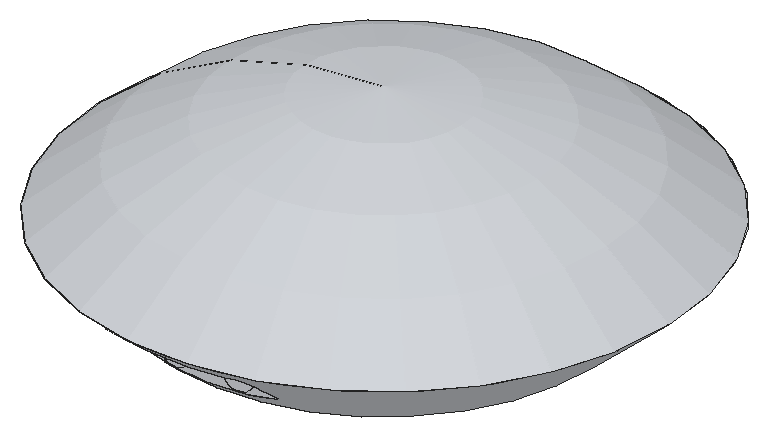
Revit family "0049015 Sylvania Lighting Fixture Start Surface IP66 1500lm 840 MW+EM IK10 BLK", category Lighting Fixtures, host Face, Revit 2016
Family settings
  Host = Face
  Part Type = Normal
  Round Connector Dimension = Use Diameter
  OmniClass Number = 23.80.70.00
  OmniClass Title = Lighting
  Cut with Voids When Loaded = No
  Light Source = Yes
  Shared = No
  Room Calculation Point = No
Parameters (values of type "Type Name")
  power entry width = 90 mm
  power entry height = 28 mm
  power connector height = 12.5 mm
  power connector centres = 39 mm
  height = 110 mm
  connector position 2 = 40 mm
  connector length = 2 mm
  base height = 40 mm
  backplate diameter = 256 mm
  Weight = ""
  Wattage Comments = ""
  Wattage = 9.2903 W
  WarrantyStartDate [instance] = "n/a"
  WarrantyGuarantorParts = "n/a"
  WarrantyDurationUnit = "n/a"
  WarrantyDurationParts = "n/a"
  WarrantyDescription = "n/a"
  built-in parameter 1150110 = 1 (stored number, unit not read)
  Voltage = 0 V
  URL = "http://www.feilosylvania.com"
  TypeName = ""
  Type Image = <None>
  Type Comments = "n/a"
  Tube Diameter = 80 mm
  built-in parameter 1114217 = 1 (stored number, unit not read)
  Tilt Angle = 90.00°
  built-in parameter 1150109 = 1 (stored number, unit not read)
  built-in parameter 1150134 = 3
  built-in parameter 1150113 = 1 (stored number, unit not read)
  SerialNumber [instance] = "n/a"
  Photometric Web File = "0049015-300mA.ies"
  Material_3_FEILO = none
  PowerFactor = 0
  PowerConsumption = ""
  NominalLength = 0 mm
  NominalHeight = 0 mm
  NominalDepth = 0 mm
  Name = ""
  ModelReference = Name  # ""
  ModelNumber = ""
  Model = Name  # ""
  Material = ""
  ManufacturerName = "Feilo Sylvania"
  Manufacturer = "Feilo Sylvania"
  LuminousEfficacy = ""
  built-in parameter 1150105 = 109.82 (stored number, unit not read)
  Lumens = 1380 lm
  LuminaireType = ""
  built-in parameter 1150115 = 1 (stored number, unit not read)
  LightOutputRatio = ""
  built-in parameter 1150137 = (empty or 0)
  built-in parameter 1150139 = (empty or 0)
  LampsType = Lamp  # ""
  LampNominalLuminous = ""
  LampMacAdamStep = ""
  LampColourTemperature = ""
  LampColourRenderingIndex = ""
  built-in parameter 1150112 = 1 (stored number, unit not read)
  built-in parameter 1150114 = 1 (stored number, unit not read)
  Lamp = ""
  Keynote = "16500"
  InstallationDate [instance] = "n/a"
  InputVoltage = ""
  InputNominalFrequency = ""
  built-in parameter 1150132 = (empty or 0)
  built-in parameter 1150102 = (empty or 0)
  built-in parameter 1150107 = 3200 (stored number, unit not read)
  built-in parameter 1150138 = (empty or 0)
  IngressProtection = ""
  ImpactProtectionIndex = ""
  built-in parameter 1150106 = 1.0982 (stored number, unit not read)
  IfcExportType = "IfcLightFixtureType"
  IfcExportAs = "IfcLightFixtureType"
  Height = 250 mm
  ExpectedLife = 50000
  Emit from Circle Diameter = 609.6 mm
  Emit Shape Visible in Rendering = no
  ElectricShockClassification = ""
  built-in parameter 1150104 = 13.8 (stored number, unit not read)
  DurationUnit = "hours"
  DocumentationLiterature = ""
  DimmingControlOptions = ""
  Material_2_FEILO = none
  Dimming Lamp Color Temperature Shift = <None>
  Diameter = 350 mm
  Description = ""
  Default Elevation = 1219.2 mm
  CreatedOn = ""
  CreatedBy = ""
  Cost = 0
  Color Filter = 16777215
  built-in parameter 1114216 [instance] = (empty or 0)
  ClassificationValue = "EF_70_80"
  ClassificationName = "Uniclass2015"
  Material_1_FEILO = none
  BarCode [instance] = "n/a"
  built-in parameter 1114218 = 1 (stored number, unit not read)
  built-in parameter 1150133 = 10 (stored number, unit not read)
  AssetType = ""
  AssetIdentifier [instance] = "n/a"
  Assembly Code = "D5020200"
  Apparent Load = 0 VA
  Material_4_FEILO = none
Reference planes
  plane 1 "Center (Front/Back)": y = 0
  plane 2: z = 0
  plane 3 "Center (Left/Right)": x = 0
  plane 4: z = 0
  plane 5: y = 128
  plane 6: y = -128
  plane 7: y = 175
  plane 8: y = -175
  plane 9: z = 40
  plane 10: z = 110
  plane 11: x = -45.686
  plane 12: x = 44.314
  plane 13: z = 5
  plane 14: z = 33
  plane 15: y = -135
  plane 16: x = 19.5
  plane 17: x = -19.5
  plane 18: z = 20.5
  plane 19: y = -137
  plane 20: y = 135
Forms (mm)
  Blend 1, solid, detail levels medium+fine
    base sketch origin (4.2, 0, 0) x (1, 0, 0) y (0, 1, 0)
      loop
        circle (-4.2, 0) r 128
    top sketch origin (4.2, 0, 0) x (1, 0, 0) y (0, 1, 0)
      loop
        circle (-4.2, 0) r 175
    from 0 to 40
  Revolve 2, solid, detail levels medium+fine
    sketch origin (0, 0, 0) x (1, 0, 0) y (0, 0, 1)
      loop
        arc (175, 40) -> (94.148, 91.621) -> (0, 110) r 257.018
        line (0, 110) -> (0, 40) -> (175, 40)
      axis (0, 110) -> (0, 40)
    angle from -180 to 179.914
  Extrusion 3, void
    sketch origin (0, 0, 0) x (1, 0, 0) y (0, 0, 1)
      loop
        line (-45.686, 25.025) -> (-45.686, 5) -> (44.314, 5) -> (44.314, 25.025)
        arc (44.314, 25.025) -> (42.644, 30.018) -> (38.304, 33) r 8.297
        line (38.304, 33) -> (-39.676, 33)
        arc (-39.676, 33) -> (-44.015, 30.018) -> (-45.686, 25.025) r 8.297
    from 135 to 166.869
  Extrusion 4, solid, detail levels fine
    sketch origin (1524, -324.9, 1219.2) x (1, 0, 0) y (0, 0, 1)
      loop
        circle (-1504.5, -1198.7) r 11
      loop
        circle (-1543.5, -1198.7) r 11
    from -189.9 to -187.9
  Extrusion 5, void
    sketch origin (-0.686, -5.131, 0) x (-1, 0, 0) y (0, 0, 1)
      loop
        line (-45.686, 25.025) -> (-45.686, 5) -> (44.314, 5) -> (44.314, 25.025)
        arc (44.314, 25.025) -> (42.644, 30.018) -> (38.304, 33) r 8.297
        line (38.304, 33) -> (-39.676, 33)
        arc (-39.676, 33) -> (-44.015, 30.018) -> (-45.686, 25.025) r 8.297
    from 140.131 to 175.131
  Extrusion 6, solid
    sketch origin (1524, -52.9, 1219.2) x (1, 0, 0) y (0, 0, 1)
      loop
        circle (-1504.5, -1198.7) r 11
      loop
        circle (-1543.5, -1198.7) r 11
    from -189.9 to -187.9
  Extrusion 7, solid, detail levels coarse
    sketch origin (0, 1219.2, 38) x (1, 0, 0) y (0, 1, 0)
      loop
        line (175.117, -1396.13) -> (175.117, -1044.2) -> (-175, -1044.2) -> (-175, -1396.13) -> (175.117, -1396.13)
    from -38 to 72
Cuts and joins
  Extrusion 3, Extrusion 5 cuts Blend 1
  Extrusion 5 cuts Extrusion 4
Dimensions and locks
  "backplate diameter": plane 5 to plane 6
  equal spacing: plane 5, plane 1 "Center (Front/Back)", plane 6
  "Diameter": plane 7 to plane 8
  equal spacing: plane 7, plane 1 "Center (Front/Back)", plane 8
  "base height": plane 9 to level
  "height": plane 10 to host face
  "power entry width": plane 12 to plane 11
  plane 12 to imposter light to plane 11 = 44.201 mm, 45.799 mm
  "power entry height": plane 14 to plane 13
  "power connector centres": plane 17 to plane 16
  equal spacing: plane 17, plane 3 "Center (Left/Right)", plane 16
  "power connector height": plane 18 to plane 14
  "connector length": plane 15 to plane 19
  "connector position 2": plane 7 to plane 20
  aligned and locked: plane 2 to host face
  aligned and locked: level to host face
  aligned and locked: plane 10 to Extrusion 7
Automatic sketch dimensions
  host sketch curve to host sketch curve = 2438.4 mm  (x2)
  plane 1 "Center (Front/Back)" to Blend 1 sketch curve = 0 mm  (x2)
  Blend 1 sketch curve to plane 3 "Center (Left/Right)" = 0 mm  (x2)
  Revolve 2 sketch curve to plane 3 "Center (Left/Right)" = 0 mm  (x2)
  Revolve 2 sketch curve to plane 9 = 0 mm
  Revolve 2 sketch curve to plane 10 = 0 mm
  Revolve 2 sketch curve to plane 3 "Center (Left/Right)" = 1.306 mm
  plane 3 "Center (Left/Right)" to Revolve 2 sketch curve = 175 mm
  Revolve 2 sketch curve to level = 47.821 mm
  Revolve 2 sketch curve to Revolve 2 sketch curve = 80 mm
  Extrusion 3 sketch curve to plane 11 = 0 mm
  Extrusion 3 sketch curve to plane 14 = 0 mm
  Extrusion 3 sketch curve to plane 12 = 0 mm
  Extrusion 3 sketch curve to plane 13 = 0 mm
  plane 11 to Extrusion 3 sketch curve = 6.01 mm
  plane 18 to Extrusion 3 sketch curve = 4.525 mm  (x2)
  Extrusion 3 sketch curve to Extrusion 3 sketch curve = 8.297 mm
  plane 17 to Extrusion 4 sketch curve = 0 mm
  plane 16 to Extrusion 4 sketch curve = 0 mm
  Extrusion 4 sketch curve to plane 18 = 0 mm  (x2)
  Extrusion 5 sketch curve to plane 13 = 0 mm
  Extrusion 5 sketch curve to plane 14 = 0 mm
  plane 12 to Extrusion 5 sketch curve = 0.686 mm
  Extrusion 5 sketch curve to plane 12 = 5.324 mm
  plane 18 to Extrusion 5 sketch curve = 4.525 mm
  plane 11 to Extrusion 5 sketch curve = 8.982 mm
  plane 11 to Extrusion 5 sketch curve = 6.696 mm
  plane 11 to Extrusion 5 sketch curve = 0.686 mm
  plane 17 to Extrusion 6 sketch curve = 0 mm
  plane 16 to Extrusion 6 sketch curve = 0 mm
  Extrusion 6 sketch curve to plane 18 = 0 mm  (x2)
  Extrusion 7 sketch curve to plane 8 = 1.93 mm
  Extrusion 7 sketch curve to plane 11 = 129.314 mm
  plane 12 to Extrusion 7 sketch curve = 130.802 mm
  plane 5 to Extrusion 7 sketch curve = 47 mm
  radius of Blend 1 sketch curve = 128 mm
  radius of Blend 1 sketch curve = 175 mm
  radius of Extrusion 4 sketch curve = 11 mm  (x2)
  radius of Extrusion 6 sketch curve = 11 mm  (x2)
Connectors
  electrical at (19.5, 137, 20.5)
    settings: on Extrusion 6, index 1, voltage 0 V, apparent load 0 VA, apparent load phase1 0 VA, apparent load phase2 0 VA, apparent load phase3 0 VA, power factor 1, load classification "Other", number of poles 1, system type 31, power factor state 1, is connector primary yes, connector utility no, sub classification motor no, connector description ""
